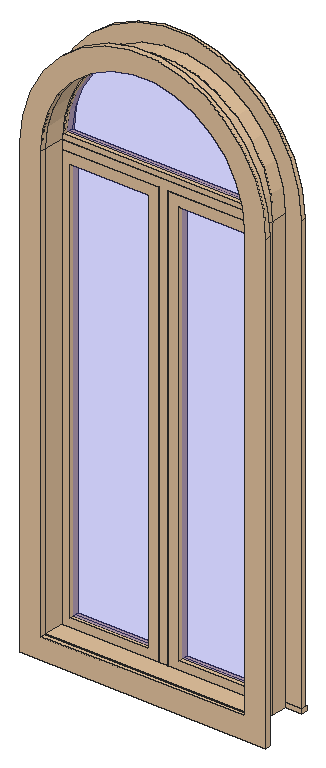
Revit family "M_Kombinowana zaokrąglona góra z przycięciem", category Windows, host Wall, Revit 2014
Parameters (values of type "0915 x 1830 mm")
  Visual Light Transmittance = 0.9
  Solar Heat Gain Coefficient = 0.86
  Construction Type Id = ""
  Heat Transfer Coefficient (U) = 5.5617 W/(m²·K)
  Materiał szyby = Szkło
  Height = 1830.00 mm
  Model = ""
  Rama okienna = Rama okienna
  Domyślna wysokość parapetu = 305.00 mm
  Przycięcie materiału - zewnętrzne = Przycięcie
  Przycięcie materiału - wewnętrzne = Przycięcie
  Rzut przycięcia - zewnętrzny = 13.00 mm
  Rzut przycięcia - wewnętrzny = 19.00 mm
  Szerokość przycięcia - zewnętrzna = 89.00 mm
  Szerokość przycięcia - wewnętrzna = 89.00 mm
  Wall Closure = By host
  Width = 915.00 mm
  Wstawka okna = 19.00 mm
  Analytic Construction = Duże pojedynczo szklone okna
Types (5, lengths in mm): name | Height | Domyślna wysokość parapetu | Width
  (no name) | 1830.00 | 305.00 | 915.00
  0915 x 1830 mm | 1830.00 | 305.00 | 915.00
  0915 x 1220 mm | 1220.00 | 915.00 | 915.00
  1220 x 1220 mm | 1220.00 | 915.00 | 1220.00
  1220 x 1830 mm | 1830.00 | 305.00 | 1220.00
Reference planes
  plane 1: y = 0
  plane 2 "Środek": x = 8.002
  plane 3 "Lewy": x = 465.502
  plane 4 "Prawy": x = -449.498
  plane 5 "Parapet": z = 305
  plane 6 "Góra": z = 2135
  plane 7: z = 2154.05
  plane 8: z = 2154.05
  plane 9: z = 2154.05
  plane 10: z = 2154.05
  plane 11: z = 2154.05
  plane 12: z = 2154.05
  plane 13: z = 2154.05
  plane 14 "Promień": z = 1220
  plane 15: x = -430.448
  plane 16: x = -417.748
  plane 17: x = -519.448
  plane 18: x = -506.748
  plane 19: x = 433.752
  plane 20: x = 446.452
  plane 21: x = 522.752
  plane 22: x = 535.452
  plane 23: z = 247.75
  plane 24: z = 336.75
  plane 25 "Zakończenie": y = 28.625
Forms (mm)
  Extrusion 1, solid, material "Przycięcie" <- "Przycięcie materiału - wewnętrzne"
    sketch origin (8.002, -19.05, 0) x (-1, 0, 0) y (0, 0, 1)
      loop
        line (-457.5, 2154.05) -> (-457.5, 305) -> (457.5, 305) -> (457.5, 2154.05)
        arc (457.5, 2154.05) -> (0, 2611.55) -> (-457.5, 2154.05) r 457.5
      loop
        line (-425.75, 2154.05) -> (-425.75, 336.75) -> (425.75, 336.75) -> (425.75, 2154.05)
        arc (425.75, 2154.05) -> (0, 2579.8) -> (-425.75, 2154.05) r 425.75
    from 31.8 to -57.15
  Extrusion 2, solid, material "Rama okienna" <- "Rama okienna"
    sketch origin (8.002, -19.05, 0) x (-1, 0, 0) y (0, 0, 1)
      loop
        line (19.05, 2115.95) -> (19.05, 324.05) -> (438.45, 324.05) -> (438.45, 2115.95) -> (19.05, 2115.95)
      loop
        line (63.5, 2071.5) -> (63.5, 368.5) -> (394, 368.5) -> (394, 2071.5) -> (63.5, 2071.5)
    from 31.8 to 76.25
  Extrusion 3, solid, material "Szkło" <- "Materiał szyby"
    sketch origin (-116.968, -19.05, -117.036) x (1, 0, 0) y (0, 0, 1)
      loop
        line (-269.029, 2188.536) -> (-269.029, 485.536) -> (61.471, 485.536) -> (61.471, 2188.536) -> (-269.029, 2188.536)
    from -60.375 to -47.675
  Extrusion 4, solid, material "Przycięcie" <- "Przycięcie materiału - zewnętrzne"
    sketch origin (8.002, -19.05, 0) x (-1, 0, 0) y (0, 0, 1)
      loop
        arc (-438.45, 2154.05) -> (0, 2592.5) -> (438.45, 2154.05) r 438.45
        line (438.45, 2154.05) -> (438.45, 324.05) -> (527.45, 324.05) -> (527.45, 2154.05)
        arc (527.45, 2154.05) -> (0, 2681.5) -> (-527.45, 2154.05) r 527.45
        line (-527.45, 2154.05) -> (-527.45, 324.05) -> (-438.45, 324.05) -> (-438.45, 2154.05)
    from 95.25 to 108.25
  Extrusion 5, solid, material "Przycięcie" <- "Przycięcie materiału - zewnętrzne"
    sketch origin (8.002, -19.05, 0) x (-1, 0, 0) y (0, 0, 1)
      loop
        line (-527.45, 324.05) -> (-527.45, 305) -> (527.45, 305) -> (527.45, 324.05) -> (-527.45, 324.05)
    from 95.25 to 120.95
  Extrusion 6, solid, material "Rama okienna" <- "Rama okienna"
    sketch origin (8.002, -19.05, 0) x (1, 0, 0) y (0, 0, 1)
      loop
        line (-19.05, 2115.95) -> (-19.05, 324.05) -> (19.05, 324.05) -> (19.05, 2115.95) -> (438.45, 2115.95) -> (438.45, 2154.05) -> (-438.45, 2154.05) -> (-438.45, 2115.95) -> (-19.05, 2115.95)
    from -95.3 to -31.8
  Extrusion 7, solid, material "Rama okienna" <- "Rama okienna"
    sketch origin (8.002, -19.05, 0) x (-1, 0, 0) y (0, 0, 1)
      loop
        line (-438.45, 2115.95) -> (-438.45, 324.05) -> (-19.05, 324.05) -> (-19.05, 2115.95) -> (-438.45, 2115.95)
      loop
        line (-394, 2071.5) -> (-394, 368.5) -> (-63.5, 368.5) -> (-63.5, 2071.5) -> (-394, 2071.5)
    from 31.8 to 76.25
  Extrusion 8, solid, material "Szkło" <- "Materiał szyby"
    sketch origin (8.002, -19.05, 0) x (-1, 0, 0) y (0, 0, 1)
      loop
        line (-394, 2071.5) -> (-394, 368.5) -> (-63.5, 368.5) -> (-63.5, 2071.5) -> (-394, 2071.5)
    from 47.675 to 60.375
  Extrusion 9, solid, material "Przycięcie" <- "Przycięcie materiału - zewnętrzne"
    sketch origin (0, -19.05, 0) x (1, 0, 0) y (0, 0, 1)
      loop
        line (-449.498, 2154.05) -> (-449.498, 305) -> (465.502, 305) -> (465.502, 2154.05)
        arc (465.502, 2154.05) -> (8.002, 2611.55) -> (-449.498, 2154.05) r 457.5
      loop
        line (-430.448, 2154.05) -> (-430.448, 324.05) -> (446.452, 324.05) -> (446.452, 2154.05)
        arc (446.452, 2154.05) -> (8.002, 2592.5) -> (-430.448, 2154.05) r 438.45
    from -95.25 to -31.8
  Extrusion 10, solid, material "Rama okienna" <- "Rama okienna"
    sketch origin (0, 0, 0) x (-1, 0, 0) y (0, 0, 1)
      loop
        arc (430.448, 2154.05) -> (-8.002, 2592.5) -> (-446.452, 2154.05) r 438.45
        line (-446.452, 2154.05) -> (430.448, 2154.05)
      loop
        arc (411.08, 2173.1) -> (-8.002, 2573.565) -> (-427.085, 2173.1) r 419.515
        line (-427.085, 2173.1) -> (411.08, 2173.1)
    from 12.75 to 57.2
  Extrusion 11, solid, material "Szkło" <- "Materiał szyby"
    sketch origin (0, 0, 0) x (-1, 0, 0) y (0, 0, 1)
      loop
        arc (411.08, 2173.1) -> (-8.002, 2573.565) -> (-427.085, 2173.1) r 419.515
        line (-427.085, 2173.1) -> (411.08, 2173.1)
    from 28.625 to 41.325
  Extrusion 12, solid, material "Przycięcie" <- "Przycięcie materiału - wewnętrzne"
    sketch origin (0, 0, 0) x (1, 0, 0) y (0, 0, 1)
      loop
        arc (433.752, 2154.05) -> (8.002, 2579.8) -> (-417.748, 2154.05) r 425.75
        line (-417.748, 2154.05) -> (-417.748, 336.75) -> (433.752, 336.75) -> (433.752, 2154.05)
      loop
        arc (522.752, 2154.05) -> (8.002, 2668.8) -> (-506.748, 2154.05) r 514.75
        line (-506.748, 2154.05) -> (-506.748, 247.75) -> (522.752, 247.75) -> (522.752, 2154.05)
    from 76.2 to 95.2
Lines and regions (mm)
  Opening 1
    outline origin (-1524, -76.2, 0) x (1, 0, 0) y (0, 0, 1)
      loop
        line (1074.502, 2154.05) -> (1074.502, 305) -> (1989.502, 305) -> (1989.502, 2154.05)
        arc (1989.502, 2154.05) -> (1532.002, 2611.55) -> (1074.502, 2154.05) r 457.5
  symbolic lines, style "Windows"
    curve 1: line (-430.448, 76.2, 0) -> (-430.448, 12.75, 0)
    curve 2: line (-417.748, 12.75, 0) -> (-417.748, -76.2, 0)
    curve 3: line (-449.498, 76.2, 0) -> (-430.448, 76.2, 0)
    curve 4: line (-417.748, 12.75, 0) -> (-430.448, 12.75, 0)
    curve 5: line (-417.748, -76.2, 0) -> (-449.498, -76.2, 0)
    curve 6: line (-430.448, 57.2, 0) -> (-385.998, 57.2, 0)
    curve 7: line (-430.448, 57.2, 0) -> (-430.448, 12.75, 0)
    curve 8: line (-430.448, 12.75, 0) -> (-385.998, 12.75, 0)
    curve 9: line (-385.998, 57.2, 0) -> (-385.998, 12.75, 0)
    curve 10: line (446.452, 76.2, 0) -> (446.452, 12.75, 0)
    curve 11: line (433.752, 12.75, 0) -> (433.752, -76.2, 0)
    curve 12: line (402.002, 57.2, 0) -> (402.002, 12.75, 0)
    curve 13: line (446.452, 76.2, 0) -> (465.502, 76.2, 0)
    curve 14: line (402.002, 57.2, 0) -> (446.452, 57.2, 0)
    curve 15: line (402.002, 12.75, 0) -> (446.452, 12.75, 0)
    curve 16: line (433.752, -76.2, 0) -> (465.502, -76.2, 0)
    curve 17: line (-55.498, 12.75, 0) -> (-55.498, 57.2, 0)
    curve 18: line (-55.498, 57.2, 0) -> (-11.048, 57.2, 0)
    curve 19: line (-11.048, 57.2, 0) -> (-11.048, 76.25, 0)
    curve 20: line (-11.048, 76.25, 0) -> (27.052, 76.25, 0)
    curve 21: line (27.052, 76.25, 0) -> (27.052, 57.2, 0)
    curve 22: line (27.052, 57.2, 0) -> (71.502, 57.2, 0)
    curve 23: line (71.502, 57.2, 0) -> (71.502, 12.75, 0)
    curve 24: line (71.502, 12.75, 0) -> (-55.498, 12.75, 0)
    curve 25: line (-11.048, 57.2, 0) -> (-11.048, 12.75, 0)
    curve 26: line (27.052, 57.2, 0) -> (27.052, 12.75, 0)
    curve 27: line (-385.998, 34.975, 0) -> (-55.498, 34.975, 0)
    curve 28: line (71.502, 34.975, 0) -> (402.002, 34.975, 0)
  symbolic lines, style "Ugięcie elewacji"
    curve 29: line (27.052, 0, 2115.95) -> (446.452, 0, 1220)
    curve 30: line (446.452, 0, 1220) -> (27.052, 0, 324.05)
    curve 31: line (-11.048, 0, 324.05) -> (-430.448, 0, 1220)
    curve 32: line (-11.048, 0, 2115.95) -> (-430.448, 0, 1220)
Text (mm)
  text "Zewnętrzna" at (0, 1019.848, 3124.603), in view "Prawy"
  text "Zewnętrzna" at (-1787.662, 723.012, 0), in view "Linia podłogi"
  text "Zewnętrzna" at (0, 1206.291, 3571.227), in view "Lewy"
Dimensions and locks
  equal spacing: plane 4 "Prawy", plane 2 "Środek", plane 3 "Lewy"
  "Domyślna wysokość parapetu": host wall to plane 5 "Parapet"
  locked: plane 6 "Góra" to plane 7 at 19.05
  locked: plane 6 "Góra" to plane 8 at 19.05
  locked: plane 6 "Góra" to plane 9 at 19.05
  locked: plane 6 "Góra" to plane 10 at 19.05
  locked: plane 6 "Góra" to plane 11 at 19.05
  locked: plane 6 "Góra" to plane 12 at 19.05
  locked: Extrusion 6 to Extrusion 2 at 19.05
  "Rzut przycięcia - zewnętrzny": Extrusion 4 to Extrusion 4
  locked: Extrusion 5 to Extrusion 4 at 12.7
  locked: Extrusion 2 to Extrusion 2 at 44.45
  locked: Extrusion 2 to Extrusion 3 at 15.875
  locked: Extrusion 3 to Extrusion 3 at 12.7
  locked: Extrusion 6 to Extrusion 6 at 63.5
  "Rzut przycięcia - wewnętrzny": Extrusion 12 to Extrusion 12
  "Wstawka okna": Extrusion 4 to Extrusion 10
  equal spacing: plane 5 "Parapet", plane 14 "Promień", plane 6 "Góra"
  locked: plane 13 to plane 6 "Góra" at 19.05
  locked: plane 20 to plane 3 "Lewy" at 19.05
  locked: plane 19 to plane 3 "Lewy" at 31.75
  locked: plane 4 "Prawy" to plane 15 at 19.05
  locked: plane 4 "Prawy" to plane 16 at 31.75
  "Szerokość przycięcia - zewnętrzna": plane 22 to plane 20
  "Szerokość przycięcia - zewnętrzna": plane 15 to plane 17
  locked: plane 24 to plane 5 "Parapet" at 31.75
  "Szerokość przycięcia - wewnętrzna": plane 24 to plane 23
  "Szerokość przycięcia - wewnętrzna": plane 16 to plane 18
  "Szerokość przycięcia - wewnętrzna": plane 21 to plane 19
  locked: Extrusion 5 sketch curve to Extrusion 5 sketch curve at 19.05
  "Width": plane 4 "Prawy" to plane 3 "Lewy"
  "Height": plane 5 "Parapet" to plane 6 "Góra"
  locked: host wall to plane 25 "Zakończenie" at 47.575
  aligned and locked: plane 4 "Prawy" to Opening 1 sketch curve  (x2)
  aligned and locked: plane 3 "Lewy" to Opening 1 sketch curve
  aligned and locked: Extrusion 3 sketch curve to Extrusion 2  (x4)
  aligned and locked: Extrusion 5 sketch curve to Extrusion 4
  aligned and locked: Extrusion 2 sketch curve to Extrusion 6
  aligned and locked: Extrusion 7 sketch curve to Extrusion 6  (x2)
  aligned and locked: Extrusion 8 sketch curve to Extrusion 7  (x4)
  aligned and locked: plane 8 to Extrusion 4 sketch curve  (x2)
  aligned and locked: Extrusion 4 sketch curve to plane 8
  aligned and locked: Extrusion 9 sketch curve to Extrusion 4  (x3)
  aligned and locked: Extrusion 9 sketch curve to plane 3 "Lewy"
  aligned and locked: Extrusion 9 sketch curve to plane 4 "Prawy"
  aligned and locked: Extrusion 1 sketch curve to Extrusion 9  (x2)
  aligned and locked: Extrusion 9 to Extrusion 1
  aligned and locked: Extrusion 10 sketch curve to Extrusion 4  (x2)
  aligned and locked: Extrusion 10 to Extrusion 1
  aligned and locked: Extrusion 6 sketch curve to Extrusion 4  (x2)
  aligned and locked: Extrusion 11 sketch curve to Extrusion 10  (x2)
  aligned and locked: Extrusion 11 to Extrusion 3
  aligned and locked: Extrusion 5 to host wall
  aligned and locked: Extrusion 2 to Extrusion 7
  aligned and locked: Extrusion 10 to Extrusion 2
  aligned and locked: host wall to Extrusion 9
  aligned and locked: Extrusion 4 to host wall
  aligned and locked: host wall to Extrusion 1
  aligned and locked: Extrusion 3 to Extrusion 11
  aligned and locked: Extrusion 8 to Extrusion 3  (x2)
  aligned and locked: Extrusion 9 to Extrusion 2
  aligned and locked: Extrusion 6 to Extrusion 1  (x4)
  aligned and locked: Extrusion 7 to Extrusion 1
  aligned and locked: Extrusion 6 to curve 1
  aligned and locked: Extrusion 9 to curve 3
  aligned and locked: Extrusion 9 to curve 10
  aligned and locked: curve 11 to Extrusion 1
  aligned and locked: curve 12 to Extrusion 7
  aligned and locked: curve 25 to Extrusion 2
  aligned and locked: curve 26 to Extrusion 7
  aligned and locked: Extrusion 1 to curve 16
  aligned and locked: Extrusion 4 to curve 3
  aligned and locked: Extrusion 4 to curve 13
  aligned and locked: curve 5 to Extrusion 1
  aligned and locked: Extrusion 12 sketch curve to Extrusion 1  (x3)
  aligned and locked: plane 13 to Extrusion 12 sketch curve
  aligned and locked: Extrusion 12 to host wall
  aligned and locked: curve 6 to Extrusion 2
  aligned and locked: Extrusion 1 to curve 24
  aligned and locked: curve 22 to Extrusion 7
  aligned and locked: curve 15 to Extrusion 1
  aligned and locked: curve 14 to Extrusion 7
  aligned and locked: curve 8 to Extrusion 1
  aligned and locked: Extrusion 1 to curve 4
  aligned and locked: curve 18 to Extrusion 2
  aligned and locked: curve 27 to curve 28
Automatic sketch dimensions
  Opening 1 sketch curve to plane 5 "Parapet" = 0.00 mm
  Opening 1 sketch curve to plane 7 = 0.00 mm
  Extrusion 2 sketch curve to Extrusion 2 sketch curve = 44.45 mm  (x2)
  plane 4 "Prawy" to Extrusion 2 sketch curve = 63.50 mm
  plane 4 "Prawy" to Extrusion 2 sketch curve = 19.05 mm
  Extrusion 2 sketch curve to plane 5 "Parapet" = 19.05 mm
  plane 6 "Góra" to Extrusion 2 sketch curve = 63.50 mm
  plane 6 "Góra" to Extrusion 2 sketch curve = 19.05 mm
  plane 2 "Środek" to Extrusion 7 sketch curve = 63.50 mm
  Extrusion 7 sketch curve to plane 3 "Lewy" = 63.50 mm
  Extrusion 7 sketch curve to plane 3 "Lewy" = 19.05 mm
  Extrusion 7 sketch curve to Extrusion 7 sketch curve = 44.45 mm
  plane 6 "Góra" to Extrusion 7 sketch curve = 63.50 mm
  plane 6 "Góra" to Extrusion 7 sketch curve = 19.05 mm
  Extrusion 9 sketch curve to plane 5 "Parapet" = 0.00 mm
  Extrusion 9 sketch curve to plane 9 = 0.00 mm
  Extrusion 9 sketch curve to plane 5 "Parapet" = 19.05 mm
  Extrusion 1 sketch curve to plane 3 "Lewy" = 0.00 mm
  Extrusion 1 sketch curve to plane 10 = 0.00 mm
  Extrusion 1 sketch curve to plane 2 "Środek" = 0.00 mm
  Extrusion 1 sketch curve to plane 5 "Parapet" = 0.00 mm
  Extrusion 1 sketch curve to plane 5 "Parapet" = 31.75 mm
  Extrusion 1 sketch curve to Extrusion 1 sketch curve = 31.75 mm
  Extrusion 10 sketch curve to plane 2 "Środek" = 0.00 mm  (x2)
  Extrusion 10 sketch curve to Extrusion 10 sketch curve = 19.368 mm  (x2)
  Extrusion 10 sketch curve to Extrusion 10 sketch curve = 0.00 mm
  Extrusion 10 sketch curve to plane 12 = 0.00 mm
  Extrusion 10 sketch curve to Extrusion 10 sketch curve = 19.05 mm
  Extrusion 6 sketch curve to plane 11 = 0.00 mm
  plane 2 "Środek" to Extrusion 6 sketch curve = 19.05 mm
  Extrusion 6 sketch curve to plane 2 "Środek" = 19.05 mm
  plane 6 "Góra" to Extrusion 6 sketch curve = 19.05 mm  (x2)
  Extrusion 6 sketch curve to plane 5 "Parapet" = 19.05 mm
  Extrusion 11 sketch curve to plane 2 "Środek" = 0.00 mm
  Extrusion 11 sketch curve to plane 3 "Lewy" = 38.418 mm
  Extrusion 11 sketch curve to plane 6 "Góra" = 19.05 mm
  curve 5 to plane 4 "Prawy" = 0.00 mm
  curve 13 to plane 3 "Lewy" = 0.00 mm
  curve 16 to plane 3 "Lewy" = 0.00 mm
  plane 4 "Prawy" to curve 2 = 31.75 mm
  curve 6 to curve 6 = 44.45 mm
  curve 27 to curve 25 = 44.45 mm
  curve 26 to curve 23 = 44.45 mm
  curve 28 to curve 22 = 22.225 mm
  curve 18 to curve 19 = 19.05 mm
  Extrusion 12 sketch curve to plane 18 = 0.00 mm
  Extrusion 12 sketch curve to plane 16 = 0.00 mm
  Extrusion 12 sketch curve to plane 2 "Środek" = 0.00 mm
  Extrusion 12 sketch curve to plane 23 = 0.00 mm
  Extrusion 12 sketch curve to plane 24 = 0.00 mm
  Extrusion 5 sketch curve to plane 5 "Parapet" = 0.00 mm
  Extrusion 5 sketch curve to plane 17 = 0.00 mm
  Extrusion 4 sketch curve to plane 22 = 0.00 mm
  Extrusion 4 sketch curve to plane 20 = 0.00 mm
  Extrusion 4 sketch curve to plane 2 "Środek" = 0.00 mm  (x2)
  Extrusion 4 sketch curve to plane 5 "Parapet" = 19.05 mm  (x2)
  curve 32 to plane 14 "Promień" = 0.00 mm
  curve 30 to plane 14 "Promień" = 0.00 mm
  curve 32 to plane 15 = 0.00 mm
  curve 30 to plane 20 = 0.00 mm
  plane 6 "Góra" to curve 29 = 19.05 mm
  plane 6 "Góra" to curve 32 = 19.05 mm
  plane 24 to curve 31 = 12.70 mm
  plane 24 to curve 30 = 12.70 mm
  curve 31 to plane 2 "Środek" = 19.05 mm
  curve 32 to plane 2 "Środek" = 19.05 mm
  plane 2 "Środek" to curve 30 = 19.05 mm
  plane 2 "Środek" to curve 29 = 19.05 mm
